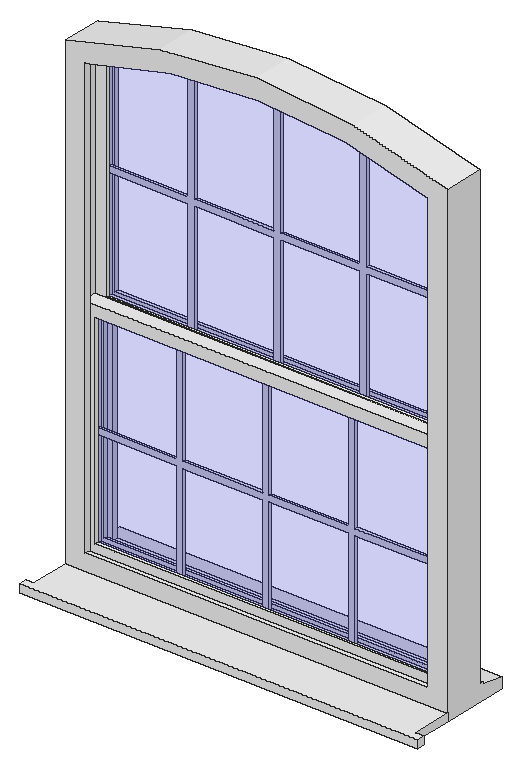
Revit family
Parameters
  Wrapping Layers from Int = 140.0 mm
  Window Board Projection = 25.0 mm
  Window Board Extension = 25.0 mm
  Vis - Glazing Bars = yes
  Vis - Cavity Closers = yes
  Radius Sash = Radius Arch - 40.0 mm  # 1760.0 mm
  Rough Width = Width  # 1200.0 mm
  Rough Height = Height  # 1500.0 mm
  Material Trim = Window Frame
  Material Glazing Bars = Window Frame
  Material Glass = Glass
  Material Frame = Window Frame
  Manufacturer = "Revit"
  Height = 1500.0 mm
  Wall Closure = (empty or 0)
  Width = 1200.0 mm
  Glazing Thickness = 24.0 mm
  Glazing Bar Thickness = 20.0 mm
  FrameOffset - External = 68.0 mm
  Frame Depth = 90.0 mm
  Ext Leaf Thickness (Scot) = Cavity Closer Offset from Ext  # 102.5 mm
  Ext Leaf Overlap (Scot) = 0.0 mm
  Default Head Height = 2110.0 mm
  Cill Depth = 87.5 mm
  Cavity Closer Width = 50.0 mm
  Cavity Closer Offset from Ext = 102.5 mm
  Cavity Closer Depth = 75.0 mm
  Radius Arch = 1800.0 mm
Reference planes
  plane 1: y = 0
  plane 2 "Center (Left/Right)": x = -435
  plane 3 "Left": x = -1035
  plane 4 "Right": x = 165
  plane 5 "Cill": z = 610
  plane 6 "Head": z = 2110
  plane 7 "Exterior": y = 158.457
  plane 8 "Interior": y = -141.543
  plane 9 "Back of Window": y = 0.457
  plane 10 "Wall Closure": y = -1.543
  plane 11 "Front Cill": y = 195.957
  plane 12 "Front Window Board": y = -166.543
  plane 13 "RHS Window Board": x = 190
  plane 14 "LHS Window Board": x = -1060
  plane 15 "LHS Scot Closing": x = -1035
  plane 16 "RHS Scot Closing": x = 165
  plane 17 "Ext Leaf Back": y = 55.957
  plane 18 "Top Scot Closing": z = 2110
  plane 19 "Face Window": y = 108.457
  plane 20 "Front of Window": y = 90.457
  plane 21 "C/L window": y = 45.457
  plane 22: z = 1360
  plane 23: y = 22.957
  plane 24: y = 67.957
  plane 25: z = 1993.792
  plane 26: x = -165
  plane 27: x = -435
  plane 28: x = -705
  plane 29: z = 1735
  plane 30: z = 1016.5
  plane 31: z = 673
  plane 32: x = -975
  plane 33: x = 105
Forms (mm)
  Extrusion 1, solid, material "Window Frame" <- "Material Trim", detail levels medium+fine
    sketch origin (0, 0, 610) x (0, -1, 0) y (-1, 0, 0)
      loop
        line (141.543, 1060) -> (141.543, 1035) -> (17.543, 1035) -> (17.543, -165) -> (141.543, -165) -> (141.543, -190) -> (166.543, -190) -> (166.543, 1060) -> (141.543, 1060)
    from 0 to -25
  Extrusion 2, void
    sketch origin (0, 55.957, 0) x (-1, 0, 0) y (0, 0, 1)
      loop
        line (-165, 610) -> (1035, 610) -> (1035, 2110)
        arc (1035, 2110) -> (435, 2212.944) -> (-165, 2110) r 1800
        line (-165, 2110) -> (-165, 610)
    from 0 to 102.5
  Extrusion 3, void
    sketch origin (0, 55.957, 0) x (-1, 0, 0) y (0, 0, 1)
      loop
        line (1035, 610) -> (1035, 2110)
        arc (1035, 2110) -> (435, 2212.944) -> (-165, 2110) r 1800
        line (-165, 2110) -> (-165, 610) -> (1035, 610)
    from 0 to -197.5
  Extrusion 4, solid, material "Window Frame" <- "Material Frame"
    sketch origin (-435, 0, 0) x (0, 1, 0) y (0, 0, 1)
      loop
        line (-17.543, 610) -> (195.957, 610) -> (195.957, 643.809) -> (123.457, 656.555) -> (123.457, 660.271) -> (108.457, 661) -> (108.457, 673) -> (0.457, 673) -> (0.457, 685) -> (-17.543, 685) -> (-17.543, 610)
    from 600 to -600
  Sweep 5, solid, material "Window Frame" <- "Material Frame"
    path origin (0, 0.457, 0) x (1, 0, 0) y (0, 0, 1)
      loop
        line (-1035, 673) -> (-1035, 2110)
        arc (-1035, 2110) -> (-435, 2212.944) -> (165, 2110) r 1800
        line (165, 2110) -> (165, 673)
    profile origin (0, 0, 1391.5) x (-1, 0, 0) y (0, -1, 0)
      loop
        line (1035, 17.543) -> (975, 17.543) -> (975, -0.457) -> (995, -0.457) -> (995, -90.457) -> (975, -90.457) -> (975, -108.457) -> (1035, -108.457) -> (1035, 17.543)
  Sweep 6, solid, material "Window Frame" <- "Material Frame"
    path origin (0, 0.457, 0) x (1, 0, 0) y (0, 0, 1)
      loop
        line (135, 1395) -> (-1005, 1395) -> (-1005, 663) -> (135, 663) -> (135, 1395)
    profile origin (0, 0, 1029) x (0, -1, 0) y (1, 0, 0)
      loop
        line (-0.457, -995) -> (-0.457, -957.929) -> (-10.957, -957.929) -> (-10.957, -967.929) -> (-34.957, -967.929) -> (-34.957, -957.929) -> (-45.457, -957.929) -> (-45.457, -995) -> (-0.457, -995)
  Sweep 7, solid, material "Window Frame" <- "Material Frame"
    path origin (0, 90.457, 0) x (1, 0, 0) y (0, 0, 1)
      loop
        line (135, 1337.5) -> (135, 2080)
        arc (135, 2080) -> (-435, 2174.857) -> (-1005, 2080) r 1760
        line (-1005, 2080) -> (-1005, 1337.5) -> (135, 1337.5)
    profile origin (0, 0, 1708.75) x (0, -1, 0) y (1, 0, 0)
      loop
        line (-45.457, -995) -> (-45.457, -957.929) -> (-55.957, -957.929) -> (-55.957, -967.929) -> (-79.957, -967.929) -> (-79.957, -957.929) -> (-90.457, -957.929) -> (-90.457, -995) -> (-45.457, -995)
  Extrusion 8, solid, material "Window Frame" <- "Material Glazing Bars", visible <- "Vis - Glazing Bars"
    sketch origin (0, 22.957, 0) x (1, 0, 0) y (0, 0, 1)
      loop
        line (97.929, 1006.5) -> (97.929, 1026.5) -> (-155, 1026.5) -> (-155, 1357.929) -> (-175, 1357.929) -> (-175, 1026.5) -> (-425, 1026.5) -> (-425, 1357.929) -> (-445, 1357.929) -> (-445, 1026.5) -> (-695, 1026.5) -> (-695, 1357.929) -> (-715, 1357.929) -> (-715, 1026.5) -> (-967.929, 1026.5) -> (-967.929, 1006.5) -> (-715, 1006.5) -> (-715, 700.071) -> (-695, 700.071) -> (-695, 1006.5) -> (-445, 1006.5) -> (-445, 700.071) -> (-425, 700.071) -> (-425, 1006.5) -> (-175, 1006.5) -> (-175, 700.071) -> (-155, 700.071) -> (-155, 1006.5) -> (97.929, 1006.5)
    from 4 to -4
  Extrusion 9, solid, material "Window Frame" <- "Material Glazing Bars", visible <- "Vis - Glazing Bars"
    sketch origin (0, 67.957, 0) x (-1, 0, 0) y (0, 0, 1)
      loop
        line (155, 1374.571) -> (175, 1374.571) -> (175, 1725) -> (425, 1725) -> (425, 1374.571) -> (445, 1374.571) -> (445, 1725) -> (695, 1725) -> (695, 1374.571) -> (715, 1374.571) -> (715, 1725) -> (967.929, 1725) -> (967.929, 1745) -> (715, 1745) -> (715, 2114.882)
        arc (715, 2114.882) -> (705.005, 2116.498) -> (695, 2118.056) r 1722.929
        line (695, 2118.056) -> (695, 1745) -> (445, 1745) -> (445, 2137.757)
        arc (445, 2137.757) -> (435, 2137.786) -> (425, 2137.757) r 1722.929
        line (425, 2137.757) -> (425, 1745) -> (175, 1745) -> (175, 2118.056)
        arc (175, 2118.056) -> (164.995, 2116.498) -> (155, 2114.882) r 1722.929
        line (155, 2114.882) -> (155, 1745) -> (-97.929, 1745) -> (-97.929, 1725) -> (155, 1725) -> (155, 1374.571)
    from 4 to -4
  Extrusion 10, solid, material "Glass" <- "Material Glass"
    sketch origin (97.929, 34.957, 1357.929) x (-1, 0, 0) y (0, 0, -1)
      loop
        line (0, 0) -> (1065.858, 0) -> (1065.858, 657.858) -> (0, 657.858) -> (0, 0)
    from 0 to 24 <- "Glazing Thickness"
  Extrusion 11, solid, material "Glass" <- "Material Glass"
    sketch origin (-435, 79.957, 414.857) x (0.323864, 0, 0.946104) y (-0.946104, 0, 0.323864)
      loop
        arc (1722.726, 26.424) -> (1630.07, 557.994) -> (1377.534, 1034.836) r 1722.929
        line (1377.534, 1034.836) -> (735.392, 815.022) -> (1080.585, -193.39) -> (1722.726, 26.424)
    from 0 to 24 <- "Glazing Thickness"
Cuts and joins
  Extrusion 2 cuts Extrusion 1
  joined: Extrusion 4, Sweep 5
Lines and regions (mm)
  symbolic lines, style "WindowsFrameMullionProjection", detail levels coarse
    curve 1: line (165, 0, 2111.759) -> (165, 0, 663)
    curve 2: line (165, 0, 663) -> (-1035, 0, 663)
    curve 3: line (-1035, 0, 663) -> (-1035, 0, 2111.759)
    curve 4: line (-1035, 0, 643.809) -> (165, 0, 643.809)
    curve 83: arc (-1035, 0, 2110) -> (-435, 0, 2212.944) -> (165, 0, 2110) r 1800
  symbolic lines, style "Windows"
    curve 5: line (-1035, 25.457, 0) -> (165, 25.457, 0)
    curve 6: line (-1035, 108.457, 0) -> (-1035, 25.457, 0)
    curve 7: line (165, 108.457, 0) -> (-1035, 108.457, 0)
    curve 8: line (165, 25.457, 0) -> (165, 108.457, 0)
    curve 9: line (-975, 25.457, 0) -> (-975, 108.457, 0)
    curve 10: line (105, 25.457, 0) -> (105, 108.457, 0)
    curve 11: line (-975, 66.957, 0) -> (105, 66.957, 0)
  symbolic lines, style "Cavity Closer", visible <- "Vis - Cavity Closers", detail levels medium+fine
    curve 12: line (-1035, 55.957, 0) -> (-1085, 55.957, 0)
    curve 13: line (-1035, -19.043, 0) -> (-1035, 55.957, 0)
    curve 14: line (-1085, -19.043, 0) -> (-1035, -19.043, 0)
    curve 15: line (-1085, 55.957, 0) -> (-1085, -19.043, 0)
    curve 16: line (-1035, -19.043, 0) -> (-1085, 55.957, 0)
    curve 17: line (-1085, -19.043, 0) -> (-1035, 55.957, 0)
    curve 18: line (165, 55.957, 0) -> (215, 55.957, 0)
    curve 19: line (165, -19.043, 0) -> (165, 55.957, 0)
    curve 20: line (215, -19.043, 0) -> (165, -19.043, 0)
    curve 21: line (215, 55.957, 0) -> (215, -19.043, 0)
    curve 22: line (165, -19.043, 0) -> (215, 55.957, 0)
    curve 23: line (215, -19.043, 0) -> (165, 55.957, 0)
  symbolic lines, style "InvisibleLines", detail levels coarse
    curve 24: line (97.929, 0, 1357.929) -> (97.929, 0, 700.071)
    curve 25: line (-967.929, 0, 700.071) -> (-967.929, 0, 1357.929)
    curve 26: line (97.929, 0, 700.071) -> (-967.929, 0, 700.071)
    curve 27: line (-967.929, 0, 1357.929) -> (97.929, 0, 1357.929)
    curve 28: line (97.929, 0, 1374.571) -> (-967.929, 0, 1374.571)
    curve 29: line (97.929, 0, 2053.293) -> (97.929, 0, 1374.571)
    curve 30: line (-967.929, 0, 1374.571) -> (-967.929, 0, 2053.293)
    curve 31: arc (-967.929, 0, 2053.293) -> (-435, 0, 2137.786) -> (97.929, 0, 2053.293) r 1722.929
  symbolic lines, style "Glazing Bars", visible <- "Vis - Glazing Bars", detail levels coarse
    curve 32: line (-165, 0, 710.071) -> (-165, 0, 1347.5)
    curve 33: line (-435, 0, 710.071) -> (-435, 0, 1347.5)
    curve 34: line (-705, 0, 710.071) -> (-705, 0, 1347.5)
    curve 35: line (87.929, 0, 1016.5) -> (-957.929, 0, 1016.5)
    curve 36: line (-165, 0, 1384.571) -> (-165, 0, 2101.311)
    curve 37: line (-435, 0, 1384.571) -> (-435, 0, 2127.786)
    curve 38: line (-705, 0, 1384.571) -> (-705, 0, 2101.311)
    curve 39: line (87.929, 0, 1735) -> (-957.929, 0, 1735)
  symbolic lines, style "Glazing Bars", visible <- "Vis - Glazing Bars", detail levels medium+fine
    curve 40: line (-155, 0, 1745) -> (87.929, 0, 1745)
    curve 41: line (87.929, 0, 1725) -> (-155, 0, 1725)
    curve 42: line (-155, 0, 2099.501) -> (-155, 0, 1745)
    curve 43: line (-155, 0, 1725) -> (-155, 0, 1385)
    curve 44: line (-175, 0, 1385) -> (-175, 0, 1725)
    curve 45: line (-175, 0, 1745) -> (-175, 0, 2103.059)
    curve 46: line (-425, 0, 1745) -> (-175, 0, 1745)
    curve 47: line (-175, 0, 1725) -> (-425, 0, 1725)
    curve 48: line (-425, 0, 1725) -> (-425, 0, 1385)
    curve 49: line (-445, 0, 1385) -> (-445, 0, 1725)
    curve 50: line (-425, 0, 2127.757) -> (-425, 0, 1745)
    curve 51: line (-445, 0, 1745) -> (-445, 0, 2127.757)
    curve 52: line (-695, 0, 1745) -> (-445, 0, 1745)
    curve 53: line (-445, 0, 1725) -> (-695, 0, 1725)
    curve 54: line (-695, 0, 2103.059) -> (-695, 0, 1745)
    curve 55: line (-715, 0, 1745) -> (-715, 0, 2099.501)
    curve 56: line (-957.929, 0, 1745) -> (-715, 0, 1745)
    curve 57: line (-715, 0, 1725) -> (-957.929, 0, 1725)
    curve 58: line (-695, 0, 1725) -> (-695, 0, 1384.571)
    curve 59: line (-715, 0, 1385) -> (-715, 0, 1725)
    curve 60: line (-155, 0, 1347.929) -> (-155, 0, 1026.5)
    curve 61: line (-175, 0, 1026.5) -> (-175, 0, 1347.5)
    curve 62: line (-155, 0, 1026.5) -> (87.929, 0, 1026.5)
    curve 63: line (87.929, 0, 1006.5) -> (-155, 0, 1006.5)
    curve 64: line (-155, 0, 1006.5) -> (-155, 0, 710.071)
    curve 65: line (-175, 0, 710.071) -> (-175, 0, 1006.5)
    curve 66: line (-175, 0, 1006.5) -> (-425, 0, 1006.5)
    curve 67: line (-425, 0, 1026.5) -> (-175, 0, 1026.5)
    curve 68: line (-425, 0, 1347.5) -> (-425, 0, 1026.5)
    curve 69: line (-445, 0, 1026.5) -> (-445, 0, 1347.5)
    curve 70: line (-425, 0, 1006.5) -> (-425, 0, 710.071)
    curve 71: line (-445, 0, 710.071) -> (-445, 0, 1006.5)
    curve 72: line (-445, 0, 1006.5) -> (-695, 0, 1006.5)
    curve 73: line (-695, 0, 1026.5) -> (-445, 0, 1026.5)
    curve 74: line (-695, 0, 1347.5) -> (-695, 0, 1026.5)
    curve 75: line (-715, 0, 1026.5) -> (-715, 0, 1347.5)
    curve 76: line (-695, 0, 1006.5) -> (-695, 0, 710.071)
    curve 77: line (-715, 0, 710.071) -> (-715, 0, 1006.5)
    curve 78: line (-715, 0, 1006.5) -> (-957.929, 0, 1006.5)
    curve 79: line (-957.929, 0, 1026.5) -> (-715, 0, 1026.5)
  symbolic lines, style "WindowsSillHeadProjection"
    curve 80: line (165, 195.957, 0) -> (-1035, 195.957, 0)
    curve 81: line (-1035, 195.957, 0) -> (-1035, 158.457, 0)
    curve 82: line (165, 158.457, 0) -> (165, 195.957, 0)
Text (mm)
  text "EXTERIOR" at (-1415.209, 454.062, 0), in view "Ref. Level"
  text "INTERIOR" at (-1415.209, -367.981, 0), in view "Ref. Level"
  text "Exterior" at (0, 923.751, 2943.296), in view "Right"
  text "Exterior" at (0, 1040.484, 2685.409), in view "Left"
Dimensions and locks
  equal spacing: plane 3 "Left", plane 2 "Center (Left/Right)", plane 4 "Right"
  "Width": plane 3 "Left" to plane 4 "Right"
  "Height": plane 5 "Cill" to plane 6 "Head"
  "Default Head Height": plane 6 "Head" to level
  locked: plane 7 "Exterior" to host wall at 0
  locked: plane 8 "Interior" to host wall
  "Wrapping Layers from Int": plane 8 "Interior" to plane 10 "Wall Closure"
  "Window Board Projection": plane 12 "Front Window Board" to plane 8 "Interior"
  "Window Board Extension": plane 14 "LHS Window Board" to plane 3 "Left"
  "Window Board Extension": plane 4 "Right" to plane 13 "RHS Window Board"
  "Ext Leaf Thickness (Scot)": plane 17 "Ext Leaf Back" to plane 7 "Exterior"
  "Ext Leaf Overlap (Scot)": plane 3 "Left" to plane 15 "LHS Scot Closing"
  "Ext Leaf Overlap (Scot)": plane 16 "RHS Scot Closing" to plane 4 "Right"
  "Ext Leaf Overlap (Scot)": plane 18 "Top Scot Closing" to plane 6 "Head"
  Extrusion 4 sketch curve to Extrusion 4 sketch curve = 12.0 mm
  equal spacing: curve 7, curve 11, curve 5
  "Cavity Closer Depth": curve 12 to curve 14
  "Cavity Closer Width": curve 15 to plane 3 "Left"
  "Cavity Closer Depth": curve 18 to curve 20
  "Cavity Closer Width": plane 4 "Right" to curve 21
  "Cill Depth": plane 19 "Face Window" to plane 11 "Front Cill"
  "Frame Depth": plane 9 "Back of Window" to plane 20 "Front of Window"
  equal spacing: plane 5 "Cill", plane 22, plane 6 "Head"
  equal spacing: plane 9 "Back of Window", plane 23, plane 21 "C/L window", plane 24, plane 20 "Front of Window"
  equal spacing: Sweep 6 sketch curve, plane 23, Sweep 6 sketch curve
  "Glazing Thickness": Sweep 6 sketch curve to Sweep 6 sketch curve
  locked: Extrusion 4 sketch curve to plane 9 "Back of Window" at 18
  locked: plane 20 "Front of Window" to Sweep 5 sketch curve at 18
  "FrameOffset - External": plane 20 "Front of Window" to plane 7 "Exterior"
  locked: plane 20 "Front of Window" to Extrusion 4 sketch curve at 18
  locked: Extrusion 4 sketch curve to Extrusion 4 sketch curve at 15
  locked: plane 22 to Sweep 6 sketch curve at 35
  locked: Sweep 7 sketch curve to plane 22 at 22.5
  "Glazing Thickness": Sweep 7 sketch curve to Sweep 7 sketch curve
  locked: Sweep 7 sketch curve to Sweep 7 sketch curve at 10
  Sweep 7 sketch curve to Sweep 7 sketch curve = 37.071 mm
  equal spacing: Sweep 7 sketch curve, plane 24, Sweep 7 sketch curve
  "Cill Depth": Extrusion 4 sketch curve to Extrusion 4 sketch curve
  equal spacing: plane 22, plane 29, plane 6 "Head"
  equal spacing: Extrusion 8 sketch curve, plane 26, Extrusion 8 sketch curve
  "Glazing Bar Thickness": Extrusion 8 sketch curve to Extrusion 8 sketch curve  (x4)
  equal spacing: Extrusion 8 sketch curve, plane 30, Extrusion 8 sketch curve
  equal spacing: Extrusion 8 sketch curve, plane 28, Extrusion 8 sketch curve
  equal spacing: Extrusion 8 sketch curve, plane 2 "Center (Left/Right)", Extrusion 8 sketch curve
  locked: plane 5 "Cill" to plane 31 at 63
  equal spacing: plane 31, plane 30, plane 22
  Extrusion 8 to Extrusion 8 = 8.0 mm
  equal spacing: Extrusion 9 sketch curve, plane 26, Extrusion 9 sketch curve
  "Glazing Bar Thickness": Extrusion 9 sketch curve to Extrusion 9 sketch curve  (x4)
  equal spacing: Extrusion 9 sketch curve, plane 27, Extrusion 9 sketch curve
  equal spacing: Extrusion 9 sketch curve, plane 28, Extrusion 9 sketch curve
  equal spacing: Extrusion 9 sketch curve, plane 29, Extrusion 9 sketch curve
  Extrusion 9 to Extrusion 9 = 8.0 mm
  locked: plane 3 "Left" to plane 32 at 60
  locked: plane 33 to plane 4 "Right" at 60
  equal spacing: plane 32, plane 28, plane 27, plane 26, plane 33
  "Radius Arch": radius of Extrusion 2 sketch curve
  "Radius Arch": radius of Sweep 5 sketch curve
  "Radius Arch": radius of Extrusion 3 sketch curve
  "Radius Sash": radius of Sweep 7 sketch curve
  aligned and locked: plane 3 "Left" to Extrusion 1 sketch curve
  aligned and locked: Extrusion 1 sketch curve to plane 8 "Interior"  (x2)
  aligned and locked: Extrusion 1 sketch curve to plane 13 "RHS Window Board"
  aligned and locked: Extrusion 1 to plane 12 "Front Window Board"
  aligned and locked: plane 14 "LHS Window Board" to Extrusion 1 sketch curve
  aligned and locked: Extrusion 2 sketch curve to plane 16 "RHS Scot Closing"
  aligned and locked: Extrusion 2 sketch curve to plane 15 "LHS Scot Closing"
  aligned and locked: Extrusion 2 sketch curve to plane 5 "Cill"
  aligned and locked: host wall to Extrusion 2
  aligned and locked: Extrusion 3 sketch curve to plane 5 "Cill"
  aligned and locked: host wall to Extrusion 3
  aligned and locked: plane 3 "Left" to Extrusion 3
  aligned and locked: Extrusion 3 to plane 4 "Right"
  aligned and locked: Extrusion 4 sketch curve to plane 5 "Cill"
  aligned and locked: plane 3 "Left" to Extrusion 4
  aligned and locked: Extrusion 4 to plane 4 "Right"
  aligned and locked: Extrusion 2 to plane 17 "Ext Leaf Back"
  aligned and locked: plane 17 "Ext Leaf Back" to Extrusion 3
  aligned and locked: Sweep 5 to curve 9
  aligned and locked: Sweep 5 to curve 10
  aligned and locked: plane 3 "Left" to nested 1
  aligned and locked: nested 1 to Extrusion 3
  aligned and locked: curve 13 to plane 3 "Left"
  aligned and locked: Extrusion 3 to curve 12
  aligned and locked: plane 4 "Right" to nested 2
  aligned and locked: nested 2 to Extrusion 3
  aligned and locked: curve 19 to plane 4 "Right"
  aligned and locked: Extrusion 3 to curve 18
  aligned and locked: curve 4 to plane 16 "RHS Scot Closing"
  aligned and locked: curve 4 to plane 15 "LHS Scot Closing"
  aligned and locked: Sweep 5 sketch curve to Sweep 5 sketch curve
  aligned and locked: Sweep 5 sketch curve to plane 20 "Front of Window"
  aligned and locked: Sweep 5 sketch curve to plane 9 "Back of Window"
  aligned and locked: Sweep 6 sketch curve to plane 21 "C/L window"
  aligned and locked: plane 9 "Back of Window" to Extrusion 4 sketch curve
  aligned and locked: plane 21 "C/L window" to Sweep 7 sketch curve
  aligned and locked: Sweep 7 sketch curve to plane 20 "Front of Window"
  aligned and locked: Sweep 7 sketch curve to Sweep 7 sketch curve
  aligned and locked: Extrusion 8 sketch curve to Extrusion 8 sketch curve  (x12)
  aligned and locked: Extrusion 9 sketch curve to Extrusion 9 sketch curve  (x12)
  aligned and locked: curve 33 to plane 2 "Center (Left/Right)"
  aligned and locked: plane 30 to curve 35
  aligned and locked: curve 37 to plane 2 "Center (Left/Right)"
  aligned and locked: plane 29 to curve 39
  aligned and locked: curve 40 to Extrusion 9
  aligned and locked: Extrusion 9 to curve 41
  aligned and locked: Extrusion 9 to curve 42
  aligned and locked: curve 43 to Extrusion 9
  aligned and locked: Extrusion 9 to curve 44
  aligned and locked: curve 45 to Extrusion 9
  aligned and locked: curve 46 to Extrusion 9
  aligned and locked: curve 47 to Extrusion 9
  aligned and locked: curve 48 to Extrusion 9
  aligned and locked: Extrusion 9 to curve 49
  aligned and locked: Extrusion 9 to curve 50
  aligned and locked: curve 51 to Extrusion 9
  aligned and locked: curve 52 to Extrusion 9
  aligned and locked: curve 53 to Extrusion 9
  aligned and locked: Extrusion 9 to curve 54
  aligned and locked: curve 55 to Extrusion 9
  aligned and locked: Extrusion 9 to curve 56
  aligned and locked: curve 57 to Extrusion 9
  aligned and locked: curve 58 to Extrusion 9
  aligned and locked: Extrusion 9 to curve 59
  aligned and locked: Extrusion 8 to curve 60
  aligned and locked: curve 61 to Extrusion 8
  aligned and locked: curve 62 to Extrusion 8
  aligned and locked: Extrusion 8 to curve 63
  aligned and locked: curve 64 to Extrusion 8
  aligned and locked: Extrusion 8 to curve 65
  aligned and locked: curve 66 to Extrusion 8
  aligned and locked: curve 67 to Extrusion 8
  aligned and locked: Extrusion 8 to curve 68
  aligned and locked: curve 69 to Extrusion 8
  aligned and locked: curve 70 to Extrusion 8
  aligned and locked: Extrusion 8 to curve 71
  aligned and locked: curve 72 to Extrusion 8
  aligned and locked: curve 73 to Extrusion 8
  aligned and locked: Extrusion 8 to curve 74
  aligned and locked: curve 75 to Extrusion 8
  aligned and locked: curve 76 to Extrusion 8
  aligned and locked: Extrusion 8 to curve 77
  aligned and locked: curve 78 to Extrusion 8
  aligned and locked: Extrusion 8 to curve 79
  aligned and locked: curve 80 to cut or joined group of Extrusion 4, Sweep 5
  aligned and locked: curve 81 to cut or joined group of Extrusion 4, Sweep 5
  aligned and locked: cut or joined group of Extrusion 4, Sweep 5 to curve 82
  aligned and locked: curve 3 to plane 3 "Left"
  aligned and locked: plane 4 "Right" to curve 1
  aligned and locked: curve 83 to cut or joined group of Extrusion 4, Sweep 5
  aligned and locked: Extrusion 11 sketch curve to Sweep 7
  aligned and locked: Extrusion 9 sketch curve to Extrusion 11  (x3)
Automatic sketch dimensions
  Extrusion 1 sketch curve to plane 4 "Right" = 0.0 mm
  plane 9 "Back of Window" to Extrusion 1 sketch curve = 18.0 mm
  Extrusion 1 sketch curve to plane 12 "Front Window Board" = 0.0 mm
  Sweep 5 sketch curve to profile plane = 0.0 mm
  profile plane to Sweep 5 sketch curve = 40.0 mm
  plane 9 "Back of Window" to Sweep 5 sketch curve = 18.0 mm
  Sweep 5 sketch curve to Sweep 5 sketch curve = 20.0 mm
  Sweep 6 sketch curve to plane 9 "Back of Window" = 0.0 mm
  Sweep 6 sketch curve to profile plane = 10.0 mm
  Sweep 6 sketch curve to Sweep 6 sketch curve = 27.071 mm
  Sweep 6 sketch curve to Sweep 6 sketch curve = 10.0 mm  (x2)
  Extrusion 4 sketch curve to plane 5 "Cill" = 33.809 mm
  Extrusion 4 sketch curve to plane 5 "Cill" = 46.555 mm
  Extrusion 4 sketch curve to Extrusion 4 sketch curve = 3.716 mm
  Extrusion 4 sketch curve to Extrusion 4 sketch curve = 0.729 mm
  Extrusion 4 sketch curve to Extrusion 4 sketch curve = 12.0 mm
  Sweep 6 sketch curve to plane 3 "Left" = 30.0 mm
  plane 4 "Right" to Sweep 6 sketch curve = 30.0 mm
  Sweep 6 sketch curve to plane 5 "Cill" = 53.0 mm
  Sweep 7 sketch curve to profile plane = 10.0 mm
  Extrusion 3 sketch curve to plane 6 "Head" = 0.0 mm  (x2)
  Sweep 7 sketch curve to plane 2 "Center (Left/Right)" = 0.0 mm
  Sweep 7 sketch curve to plane 3 "Left" = 30.0 mm
  plane 6 "Head" to Sweep 7 sketch curve = 30.0 mm  (x2)
  Extrusion 2 sketch curve to plane 2 "Center (Left/Right)" = 0.0 mm
  Extrusion 2 sketch curve to plane 6 "Head" = 0.0 mm
  Sweep 5 sketch curve to plane 3 "Left" = 0.0 mm
  Sweep 5 sketch curve to plane 2 "Center (Left/Right)" = 0.0 mm
  Sweep 5 sketch curve to plane 4 "Right" = 0.0 mm
  Sweep 5 sketch curve to plane 6 "Head" = 0.0 mm
  Sweep 5 sketch curve to plane 5 "Cill" = 63.0 mm  (x2)
  Extrusion 3 sketch curve to plane 4 "Right" = 0.0 mm
  Extrusion 3 sketch curve to plane 2 "Center (Left/Right)" = 0.0 mm
  curve 38 to plane 28 = 0.0 mm
  curve 36 to plane 26 = 0.0 mm
  curve 34 to plane 28 = 0.0 mm
  curve 32 to plane 26 = 0.0 mm
  curve 37 to curve 51 = 0.029 mm
  curve 37 to curve 50 = 0.029 mm
  plane 6 "Head" to curve 45 = 6.941 mm
  plane 6 "Head" to curve 54 = 6.941 mm
  plane 6 "Head" to curve 42 = 10.499 mm
  plane 6 "Head" to curve 55 = 10.499 mm
  curve 49 to curve 37 = 0.429 mm
  curve 48 to curve 37 = 0.429 mm
  curve 59 to curve 38 = 0.429 mm
  curve 43 to curve 36 = 0.429 mm
  curve 44 to curve 36 = 0.429 mm
  curve 58 to curve 38 = 0.0 mm
  plane 22 to curve 60 = 12.071 mm
  plane 22 to curve 74 = 12.5 mm
  plane 22 to curve 61 = 12.5 mm
  plane 22 to curve 68 = 12.5 mm
  plane 22 to curve 69 = 12.5 mm
  plane 22 to curve 75 = 12.5 mm
  curve 70 to curve 33 = 0.0 mm
  curve 71 to curve 33 = 0.0 mm
  curve 65 to curve 32 = 0.0 mm
  curve 64 to curve 32 = 0.0 mm
  curve 77 to curve 34 = 0.0 mm
  curve 76 to curve 34 = 0.0 mm
  plane 31 to curve 2 = 10.0 mm
  curve 2 to curve 4 = 19.191 mm
  curve 57 to curve 39 = 0.0 mm
  curve 35 to curve 79 = 0.0 mm
  curve 35 to curve 78 = 0.0 mm
  curve 56 to curve 39 = 0.0 mm
  curve 63 to curve 35 = 0.0 mm
  curve 62 to curve 35 = 0.0 mm
  curve 40 to curve 39 = 0.0 mm
  curve 41 to curve 39 = 0.0 mm
  curve 7 to plane 3 "Left" = 0.0 mm
  curve 8 to plane 4 "Right" = 0.0 mm
  curve 7 to plane 19 "Face Window" = 0.0 mm
  curve 81 to host wall = 0.0 mm
  curve 82 to host wall = 0.0 mm
  curve 5 to plane 23 = 2.5 mm
  plane 6 "Head" to curve 36 = 8.689 mm
  curve 51 to plane 6 "Head" = 17.757 mm
  plane 6 "Head" to curve 38 = 8.689 mm
  curve 57 to plane 3 "Left" = 77.071 mm
  curve 59 to plane 22 = 25.0 mm
  curve 48 to plane 22 = 25.0 mm
  curve 43 to plane 22 = 25.0 mm
  plane 4 "Right" to curve 39 = 77.071 mm
  plane 4 "Right" to curve 63 = 77.071 mm
  curve 65 to plane 31 = 37.071 mm
  curve 70 to plane 31 = 37.071 mm
  curve 77 to plane 31 = 37.071 mm
  curve 35 to plane 3 "Left" = 77.071 mm
  curve 34 to curve 75 = 0.0 mm
  curve 33 to curve 68 = 0.0 mm
  curve 32 to curve 61 = 0.0 mm
  curve 1 to plane 6 "Head" = 1.759 mm
  curve 3 to plane 6 "Head" = 1.759 mm
  curve 83 to plane 4 "Right" = 0.0 mm
  curve 83 to plane 3 "Left" = 0.0 mm
  plane 22 to curve 27 = 2.071 mm
  plane 32 to curve 25 = 7.071 mm
  curve 25 to plane 31 = 27.071 mm
  curve 27 to plane 33 = 7.071 mm
  plane 32 to Extrusion 8 sketch curve = 7.071 mm
  Extrusion 8 sketch curve to plane 33 = 7.071 mm
  Extrusion 8 sketch curve to plane 31 = 27.071 mm  (x3)
  plane 22 to Extrusion 8 sketch curve = 2.071 mm  (x3)
  curve 31 to plane 2 "Center (Left/Right)" = 0.0 mm
  curve 31 to plane 33 = 7.071 mm
  plane 6 "Head" to curve 31 = 56.707 mm
  plane 32 to curve 31 = 7.071 mm
  curve 30 to plane 22 = 14.571 mm
  curve 31 to curve 83 = 1.914 mm
  Extrusion 9 sketch curve to plane 33 = 7.071 mm
  plane 32 to Extrusion 9 sketch curve = 7.071 mm
  Extrusion 9 sketch curve to plane 22 = 14.571 mm  (x3)
  Extrusion 10 sketch curve to plane 33 = 7.071 mm
  plane 32 to Extrusion 10 sketch curve = 7.071 mm
  plane 22 to Extrusion 10 sketch curve = 2.071 mm
  Extrusion 10 sketch curve to plane 31 = 27.071 mm
  plane 32 to Extrusion 11 sketch curve = 7.071 mm  (x2)
  Extrusion 11 sketch curve to plane 33 = 7.071 mm
  Extrusion 11 sketch curve to plane 22 = 14.571 mm
Nested families
  nested 1: "UK_Cavity Closer" at (-1085, 55.957, 0), visible <- "Vis - Cavity Closers", type "UK_Cavity Closer", detail levels medium+fine
  nested 2: "UK_Cavity Closer" at (215, 55.957, 0) x (-1, 0, 0) z (0, 0, 1), visible <- "Vis - Cavity Closers", type "UK_Cavity Closer", detail levels medium+fine
Definition of nested family "UK_Cavity Closer"
  Parameters
    Closer Width = 50.0 mm
    Closer Depth = 75.0 mm
  Reference planes
    plane 1 "Center (Front/Back)": y = 0
    plane 2: z = 0
    plane 3 "Center (Left/Right)": x = 0
    plane 4: x = 50, in view "Ref. Level"
    plane 5: y = -75, in view "Ref. Level"
  Lines and regions (mm)
    Masking region 1, in view "Ref. Level"
      outline origin (0, 0, 0) x (1, 0, 0) y (0, 1, 0)
        loop
          line (0, 0) -> (0, -75) -> (50, -75) -> (50, 0) -> (0, 0)
  Dimensions and locks
    "Closer Width": plane 3 "Center (Left/Right)" to plane 4
    "Closer Depth": plane 5 to plane 1 "Center (Front/Back)"
  Automatic sketch dimensions
    Masking region 1 sketch curve to plane 3 "Center (Left/Right)" = 0.0 mm
    Masking region 1 sketch curve to plane 4 = 0.0 mm
    Masking region 1 sketch curve to plane 5 = 0.0 mm
    Masking region 1 sketch curve to plane 1 "Center (Front/Back)" = 0.0 mm
